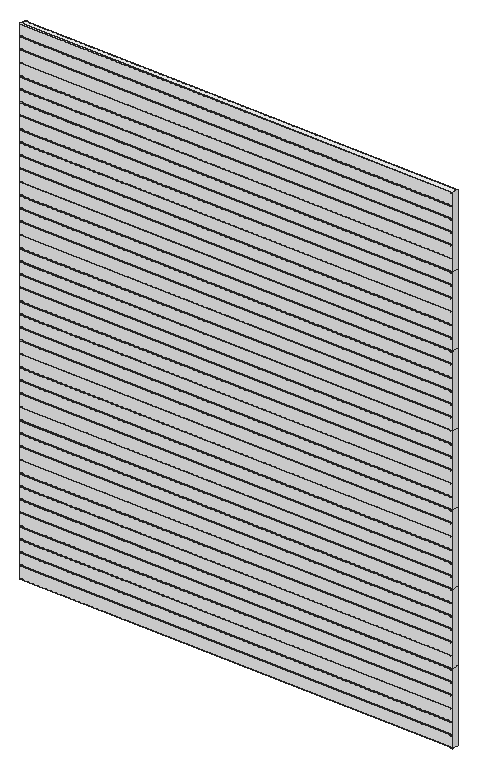
Revit family "3718-1Basic", category Doors, host Wall, Revit 2023
Family settings
  Host = Wall
  OmniClass Number = 23.30.10.17.37.14
  OmniClass Title = Sectional Overhead Doors
  Always vertical = Yes
  Cut with Voids When Loaded = No
  Shared = No
  Room Calculation Point = No
Parameters (values of type "By Type")
  Windload = "Doors available rated for various design pressures; consult Clopay for avaialbility and specifications"
  VisSection6 = NumSections = 6  # no
  VisSection5 = NumSections > 4  # yes
  VisSection4 = NumSections > 3  # yes
  VisSection3 = NumSections > 2  # yes
  VisArray = NumSections > 6  # yes
  URL = "www.clopaydoor.com"
  Track = "Galvanized steel (gauge varies according to door size)"
  Thickness = 0' - 1 3/4"  # constant formula
  Spec Wizard = "http://www.arcat.com/specwizard/08360clo/index.htm"
  Section Height = Height / NumSections  # 2' - 0"
  Sales Information = "http://www.clopaydoor.com/where-to-buy.aspx?type=dealer"
  Rough Width = 0' - 0"  # constant formula
  Rough Height = 0' - 0"  # constant formula
  R-Value = "15.05"
  Product Features and Benefits = "http://www.clopaydoor.com/insulated-polyurethane-applications.aspx"
  Overlapping Jamb = yes
  Overlap = if(Overlapping Jamb, 0' 1", 0' 0")  # 0' - 1"
  Opening Width = 12' - 0"
  Opening Height = 14' - 0"
  Omniclass Table = "23-30 10 17 37 "
  NumSectionsNotRounded = Height / 2' 0"  # 7
  NumSections = NumSectionsNotRounded + 0.4999  # 7
  NumArraySections = if(NumSections > 6, NumSections - 5, 2)  # 2
  Model = "3718"
  Maximum Size = "Maximum 32' 2'' wide by 26' 0'' high. Additional limitations may apply do to door weight. Consult Clopay for specificiations and shop drawings."  # constant formula
  Manufacturer Website = "http://www.clopaydoor.com"
  Manufacturer Phone Number = "1-800-526-4301"
  Manufacturer Address = "1400 W. Market St., Troy, OH 45373"
  Manufacturer = "Clopay Building Products Company"
  LEED = "http://products.construction.com/swts_content_files/151607/303186.pdf"
  Keynote = "08 36 13"
  Interior Steel = "28 ga. galvanized, primed, and finish painted"
  Hardware = "14 ga. min. steel hinges; 10-ball steel rollers"
  GreenFormat = "http://www.greenformat.com/products/1536-Polyurethane%20Insulated%20Doors.rtf"
  Function = Interior
  Height = Opening Height + Rough Width * 0  # 14' - 0"
  Wall Closure = By host
  Width = Opening Width + Rough Width * 0  # 12' - 0"
  FloorToSection7 = 6 * Section Height  # 12' - 0"
  FloorToSection6 = 5 * Section Height  # 10' - 0"
  FloorToSection5 = 4 * Section Height  # 8' - 0"
  FloorToSection4 = 3 * Section Height  # 6' - 0"
  FloorToSection3 = 2 * Section Height  # 4' - 0"
  FloorToSection2 = Section Height  # 2' - 0"
  File Revision = "02 (August, 2012)"
  Exterior Steel = "27 ga. galvanized, primed, and finish painted"
  Double End Stiles = Door Width > 14' 2"  # no
  Door Width = Opening Width + Overlap * 2  # 12' - 2"
  Door Height = Opening Height + Rough Width * 0  # 14' - 0"
  Description = "1-3/4'' thick polyurethane insulated, stucco embossed 27 gauge steel flush exterior."
  Core Material = "Expanded polyurethane"
  Copyright = "2010, Clopay Building Products Company, Inc."
  Color = White
  CAD and Specifications = "http://www.clopaydoor.com/insulated-polyurethane-specs.aspx"
  Assembly Code = "B2030410"
Reference planes (in)
  plane 1 "Center (Front/Back)": y = 0
  plane 2 "Center (Left/Right)": x = 0
  plane 3 "Left": x = -72
  plane 4 "Right": x = 72
  plane 5 "Top": z = 168
  plane 6 "Exterior": y = 3
  plane 7 "Interior": y = -3
  plane 8: z = 120
  plane 9: z = 144
Lines and regions (in)
  Opening 1
    outline origin (-90, -3, 0) x (1, 0, 0) y (0, 0, 1)
      loop
        line (18, 0) -> (162, 0) -> (162, 168) -> (18, 168) -> (18, 0)
Text (in)
  text "Exterior" at (-74.96733, 27.31104, 0), in view "Ref. Level"
  text "Interior" at (-74.96733, -25.14366, 0), in view "Ref. Level"
  text "Exterior" at (0, 40.15149, 123.01588), in view "Right"
  text "Interior" at (0, -64.39139, 123.01588), in view "Right"
  text "Interior" at (0, -31.01599, 123.00693), in view "Left"
  text "Exterior" at (0, 54.57065, 123.00693), in view "Left"
Dimensions and locks (in)
  equal spacing: plane 3 "Left", plane 2 "Center (Left/Right)", plane 4 "Right"
  "Height": level to plane 5 "Top"
  "Width": plane 3 "Left" to plane 4 "Right"
  host wall to plane 5 "Top" = 14' - 0"
  nested 1 to plane 7 "Interior" = 0' - 0 1/2"
  "FloorToSection6": plane 8 to level
  "FloorToSection7": plane 9 to level
  group 1 to group 2 = 0' - 0"  (x2)
  group 1 to group 2 = 2' - 0"
  host wall to host wall = 67' - 6"
  aligned and locked: plane 3 "Left" to Opening 1 sketch curve
  aligned and locked: plane 5 "Top" to Opening 1 sketch curve  (x2)
  aligned and locked: Opening 1 sketch curve to plane 4 "Right"
  aligned and locked: Opening 1 sketch curve to level
  aligned and locked: plane 6 "Exterior" to host wall
  aligned and locked: host wall to plane 7 "Interior"
  aligned and locked: plane 2 "Center (Left/Right)" to nested 2
  aligned and locked: plane 2 "Center (Left/Right)" to nested 3
  aligned and locked: plane 2 "Center (Left/Right)" to nested 4
  aligned and locked: plane 2 "Center (Left/Right)" to nested 5
  aligned and locked: plane 2 "Center (Left/Right)" to nested 7
  aligned and locked: nested 7 to plane 8
  aligned and locked: nested 8 to plane 9
  aligned and locked: plane 7 "Interior" to nested 2
  aligned and locked: plane 7 "Interior" to nested 7
  aligned and locked: host wall to nested 8
  aligned and locked: plane 7 "Interior" to nested 3
  aligned and locked: host wall to nested 3
  aligned and locked: plane 7 "Interior" to nested 1
  aligned and locked: nested 2 to host wall
  aligned and locked: plane 7 "Interior" to nested 6
  aligned and locked: plane 7 "Interior" to nested 5
  aligned and locked: host wall to nested 7
  aligned and locked: plane 7 "Interior" to nested 4
Nested families (in)
  nested 1: "Section" at (0, 0, 0), type "Solid"
  nested 2: "Section" at (0, 0, 24), built-in parameter 1001364 <- "Section Height", type "Solid"
  nested 3: "Section" at (0, 0, 48), built-in parameter 1001364 <- "FloorToSection3", visible <- "VisSection3", type "Solid"
  nested 4: "Section" at (0, 0, 120), built-in parameter 1001364 <- "FloorToSection6", visible <- "VisSection6", type "Solid"
  nested 5: "Section" at (0, 0, 96), built-in parameter 1001364 <- "FloorToSection5", visible <- "VisSection5", type "Solid"
  nested 6: "Section" at (0, 0, 72), built-in parameter 1001364 <- "FloorToSection4", visible <- "VisSection4", type "Solid"
  nested 7: "Section" at (0, 0, 120), visible <- "VisArray", type "Solid"
  nested 8: "Section" at (0, 0, 144), visible <- "VisArray", type "Solid"
Definition of nested family "Section"
  Parameters
    X9 = if(if(NumArrayedWindows < NumWindows, NumArrayedWindows + 1, NumWindows) < 9, X1, X8 + 3' 8")  # 1' - 5 1/2"
    X8 = if(if(NumArrayedWindows < NumWindows, NumArrayedWindows + 1, NumWindows) < 8, X1, X7 + 3' 8")  # 1' - 5 1/2"
    X7 = if(if(NumArrayedWindows < NumWindows, NumArrayedWindows + 1, NumWindows) < 7, X1, X6 + 3' 8")  # 1' - 5 1/2"
    X6 = if(if(NumArrayedWindows < NumWindows, NumArrayedWindows + 1, NumWindows) < 6, X1, X5 + 3' 8")  # 1' - 5 1/2"
    X5 = if(if(NumArrayedWindows < NumWindows, NumArrayedWindows + 1, NumWindows) < 5, X1, X4 + 3' 8")  # 1' - 5 1/2"
    X4 = if(if(NumArrayedWindows < NumWindows, NumArrayedWindows + 1, NumWindows) < 4, X1, X3 + 3' 8")  # 1' - 5 1/2"
    X3 = if(NumWindows < 3, X1, X2 + 3' 8")  # 8' - 9 1/2"
    X2 = if(NumWindows < 2, ((Door Width - (NumWindows - 1) * 3' 8") / 2 - Cutout Width / 2), ((Door Width - (NumWindows - 1) * 3' 8") / 2 - Cutout Width / 2) + 3' 8")  # 5' - 1 1/2"
    WindowVis = no
    WindowCutDepth = -0' - 0 13/128"
    Section Height = 2' - 0"
    RibSpacing = Section Height / (NumRibs + 1)  # 0' - 4"
    NumWindows = if(Door Width < 9' 4", 2, if(Door Width < 13' 4", 3, if(Door Width < 16' 4", 4, if(Door Width < 20' 4", 5, if(Door Width < 24' 4", 6, if(Door Width < 26' 4", 7, if(Door Width < 31' 8", 8, 10)))))))  # 3
    NumRibs = if(Section Height < 1' 9", 3, if(Section Height < 2' 0", 4, 5))  # 5
    NumArrayedWindows = if(X2 = X1, NumWindows - 2, NumWindows)  # 3
    Half Section Height = Section Height / 2  # 1' - 0"
    Half Door Width Neg = -Half Door Width  # -6' - 1"
    Half Door Width = Door Width / 2  # 6' - 1"
    Half Cutout Height = Cutout Height / 2  # 0' - 3 1/2"
    Function = (empty or 0)
    Height = 0' - 0"
    Wall Closure = (empty or 0)
    Width = 0' - 0"
    X1 = if(or(Door Width > 31' 6", and(Door Width > 26' 2", Door Width < 28' 1"), Door Width = 24' 3", Door Width = 24' 4", and(Door Width > 20' 2", Door Width < 20' 11"), and(Door Width > 16' 2", Door Width < 17' 3")), X2, (Door Width - (NumWindows - 1) * 3' 8") / 2 - Cutout Width / 2)  # 1' - 5 1/2"
    Door Width = 12' - 2"
    CutoutToCutout = 1' - 0"
    Cutout Width = 1' - 11"
    Cutout Height = 0' - 7"
    Color = none
    BtmTo1stRib = RibSpacing  # 0' - 4"
    Assembly Code = ""
  Reference planes (in)
    plane 1 "Center (Front/Back)": y = 0
    plane 2 "Center (Left/Right)": x = 0
    plane 3 "Exterior": y = 3
    plane 4 "Interior": y = -3
    plane 5: y = -3.5
    plane 6: x = 73
    plane 7: x = -73
    plane 8: z = 4
    plane 9: z = 8
    plane 10: z = 24
    plane 11: z = 12
    plane 12: z = 0
  Forms (in)
    Extrusion 1, solid, material <- "Color"
      sketch origin (-73, -12, 83.08252) x (0, 0, 1) y (0, -1, 0)
        loop
          line (-59.08252, -8.37573) -> (-59.08252, -6.62444)
          arc (-59.08252, -6.62444) -> (-59.11897, -6.53645) -> (-59.20696, -6.5) r 0.12444
          line (-59.20696, -6.5) -> (-82.95809, -6.5)
          arc (-82.95809, -6.5) -> (-83.04608, -6.53645) -> (-83.08252, -6.62444) r 0.12444
          line (-83.08252, -6.62444) -> (-83.08252, -8.37573)
          arc (-83.08252, -8.37573) -> (-83.04612, -8.4636) -> (-82.95825, -8.5) r 0.12427
          line (-82.95825, -8.5) -> (-59.20679, -8.5)
          arc (-59.20679, -8.5) -> (-59.11892, -8.4636) -> (-59.08252, -8.37573) r 0.12427
      from 0 to 146 <- "Door Width"
    Extrusion 2, void
      sketch origin (0, -8.99984, -0.5) x (0, 1, 0) y (0, 0, -1)
        loop
          line (3.5, -4.62727) -> (3.53032, -4.58058)
          arc (3.53032, -4.58058) -> (3.53753, -4.56494) -> (3.54, -4.5479) r 0.06
          line (3.54, -4.5479) -> (3.54, -4.4521)
          arc (3.54, -4.4521) -> (3.53753, -4.43506) -> (3.53032, -4.41942) r 0.06
          line (3.53032, -4.41942) -> (3.5, -4.37273) -> (3.5, -4.62727)
      from -73 <- "Half Door Width Neg" to 146 <- "Door Width"
    Extrusion 3, void
      sketch origin (0, -8.99984, 3.5) x (0, 1, 0) y (0, 0, -1)
        loop
          line (3.5, -4.62727) -> (3.53032, -4.58058)
          arc (3.53032, -4.58058) -> (3.53753, -4.56494) -> (3.54, -4.5479) r 0.06
          line (3.54, -4.5479) -> (3.54, -4.4521)
          arc (3.54, -4.4521) -> (3.53753, -4.43506) -> (3.53032, -4.41942) r 0.06
          line (3.53032, -4.41942) -> (3.5, -4.37273) -> (3.5, -4.62727)
      from -73 <- "Half Door Width Neg" to 146 <- "Door Width"
    Extrusion 4, void
      sketch origin (0, -8.99984, 7.5) x (0, 1, 0) y (0, 0, -1)
        loop
          line (3.5, -4.62727) -> (3.53032, -4.58058)
          arc (3.53032, -4.58058) -> (3.53753, -4.56494) -> (3.54, -4.5479) r 0.06
          line (3.54, -4.5479) -> (3.54, -4.4521)
          arc (3.54, -4.4521) -> (3.53753, -4.43506) -> (3.53032, -4.41942) r 0.06
          line (3.53032, -4.41942) -> (3.5, -4.37273) -> (3.5, -4.62727)
      from -73 <- "Half Door Width Neg" to 146 <- "Door Width"
    Extrusion 5, void
      sketch origin (0, -8.99984, 11.5) x (0, 1, 0) y (0, 0, -1)
        loop
          line (3.5, -4.62727) -> (3.53032, -4.58058)
          arc (3.53032, -4.58058) -> (3.53753, -4.56494) -> (3.54, -4.5479) r 0.06
          line (3.54, -4.5479) -> (3.54, -4.4521)
          arc (3.54, -4.4521) -> (3.53753, -4.43506) -> (3.53032, -4.41942) r 0.06
          line (3.53032, -4.41942) -> (3.5, -4.37273) -> (3.5, -4.62727)
      from -73 <- "Half Door Width Neg" to 146 <- "Door Width"
    Extrusion 6, void
      sketch origin (0, -8.99984, 15.5) x (0, 1, 0) y (0, 0, -1)
        loop
          line (3.5, -4.62727) -> (3.53032, -4.58058)
          arc (3.53032, -4.58058) -> (3.53753, -4.56494) -> (3.54, -4.5479) r 0.06
          line (3.54, -4.5479) -> (3.54, -4.4521)
          arc (3.54, -4.4521) -> (3.53753, -4.43506) -> (3.53032, -4.41942) r 0.06
          line (3.53032, -4.41942) -> (3.5, -4.37273) -> (3.5, -4.62727)
      from -73 <- "Half Door Width Neg" to 146 <- "Door Width"
  Cuts and joins
    Extrusion 2, Extrusion 3, Extrusion 4, Extrusion 5, Extrusion 6 cuts Extrusion 1
  Lines and regions (in)
    reference lines
      curve 1: line (-72, -5.45984, 4) -> (-72, -5.49984, 4)
      curve 2: line (-72, -5.45984, 4) -> (-72, -5.49984, 4)
      curve 3: line (-72, -5.45984, 8) -> (-72, -5.49984, 8)
      curve 4: line (-72, -5.45984, 12) -> (-72, -5.49984, 12)
      curve 5: line (-72, -5.45984, 16) -> (-72, -5.49984, 16)
      curve 6: line (-72, -5.45984, 20) -> (-72, -5.49984, 20)
  Text (in)
    text "Exterior" at (-74.96733, 27.31104, 0), in view "Ref. Level"
    text "Interior" at (-74.96733, -25.14366, 0), in view "Ref. Level"
    text "Exterior" at (0, 40.15149, 123.01588), in view "Right"
    text "Interior" at (0, -64.39139, 123.01588), in view "Right"
    text "Interior" at (0, -31.01599, 123.00693), in view "Left"
    text "Exterior" at (0, 54.57065, 123.00693), in view "Left"
  Dimensions and locks (in)
    plane 4 "Interior" to plane 5 = 0' - 0 1/2"
    "Half Door Width": plane 2 "Center (Left/Right)" to plane 7
    "Half Door Width": plane 6 to plane 2 "Center (Left/Right)"
    Extrusion 1 sketch curve to Extrusion 1 sketch curve = 0' - 2"
    "BtmTo1stRib": plane 8 to level
    "RibSpacing": plane 9 to plane 8
    "Section Height": plane 10 to level
    Extrusion 2 sketch curve to Extrusion 2 sketch curve = 0' - 0.25454"
    Extrusion 2 sketch curve to Extrusion 2 sketch curve = 0' - 0.04"  (x2)
    Extrusion 2 sketch curve to curve 2 = 0' - 0.12727"
    "Half Section Height": level to plane 11
    locked: plane 4 "Interior" to cut or joined group of Extrusion 1, Extrusion 2, Extrusion 3, Extrusion 4, Extrusion 5, Extrusion 6 at 0.5
    Extrusion 3 sketch curve to Extrusion 3 sketch curve = 0' - 0.25454"
    Extrusion 3 sketch curve to Extrusion 3 sketch curve = 0' - 0.04"  (x2)
    Extrusion 3 sketch curve to curve 3 = 0' - 0.12727"
    equal spacing: group 1, group 2, group 3, group 4, group 5  (x3)
    Extrusion 4 sketch curve to Extrusion 4 sketch curve = 0' - 0.25454"
    Extrusion 4 sketch curve to Extrusion 4 sketch curve = 0' - 0.04"  (x2)
    Extrusion 4 sketch curve to curve 4 = 0' - 0.12727"
    Extrusion 5 sketch curve to Extrusion 5 sketch curve = 0' - 0.25454"
    Extrusion 5 sketch curve to Extrusion 5 sketch curve = 0' - 0.04"  (x2)
    Extrusion 5 sketch curve to curve 5 = 0' - 0.12727"
    Extrusion 6 sketch curve to Extrusion 6 sketch curve = 0' - 0.25454"
    Extrusion 6 sketch curve to Extrusion 6 sketch curve = 0' - 0.04"  (x2)
    Extrusion 6 sketch curve to curve 6 = 0' - 0.12727"
    radius of Extrusion 1 sketch curve = 0' - 0.12427"  (x2)
    radius of Extrusion 1 sketch curve = 0' - 0.12444"  (x2)
    angle Extrusion 2 sketch curve to Extrusion 2 sketch curve = 147.00°  (x2)
    angle Extrusion 3 sketch curve to Extrusion 3 sketch curve = 147.00°  (x2)
    angle Extrusion 4 sketch curve to Extrusion 4 sketch curve = 147.00°  (x2)
    angle Extrusion 5 sketch curve to Extrusion 5 sketch curve = 147.00°  (x2)
    angle Extrusion 6 sketch curve to Extrusion 6 sketch curve = 147.00°  (x2)
    aligned and locked: Extrusion 1 sketch curve to plane 5
    aligned: cut or joined group of Extrusion 1, Extrusion 2, Extrusion 3, Extrusion 4, Extrusion 5, Extrusion 6 to cut or joined group of Extrusion 1, Extrusion 2, Extrusion 3, Extrusion 4, Extrusion 5, Extrusion 6  (x9)
    aligned and locked: plane 12 to level
    aligned and locked: curve 3 to plane 9
    aligned and locked: curve 2 to plane 8
  Automatic sketch dimensions
    curve 1 to curve 1 = 0' - 0.04"  (x2)
    curve 2 to curve 2 = 0' - 0.04"
    Extrusion 2 sketch curve to Extrusion 2 sketch curve = 0' - 0"
    Extrusion 2 sketch curve to Extrusion 2 sketch curve = 0' - 0.02"
    Extrusion 2 sketch curve to Extrusion 2 sketch curve = 0' - 0.00968"  (x2)
    curve 1 to plane 8 = 0' - 0"
    Extrusion 1 sketch curve to plane 10 = 0' - 0"
    Extrusion 1 sketch curve to level = 0' - 0"
    curve 1 to plane 5 = 0' - 1.95984"
    Extrusion 3 sketch curve to Extrusion 3 sketch curve = 0' - 0"
    Extrusion 3 sketch curve to Extrusion 3 sketch curve = 0' - 0.02"
    Extrusion 3 sketch curve to Extrusion 3 sketch curve = 0' - 0.00968"  (x2)
    Extrusion 4 sketch curve to Extrusion 4 sketch curve = 0' - 0"
    Extrusion 4 sketch curve to Extrusion 4 sketch curve = 0' - 0.02"
    Extrusion 4 sketch curve to Extrusion 4 sketch curve = 0' - 0.00968"  (x2)
    Extrusion 5 sketch curve to Extrusion 5 sketch curve = 0' - 0"
    Extrusion 5 sketch curve to Extrusion 5 sketch curve = 0' - 0.02"
    Extrusion 5 sketch curve to Extrusion 5 sketch curve = 0' - 0.00968"  (x2)
    Extrusion 6 sketch curve to Extrusion 6 sketch curve = 0' - 0"
    Extrusion 6 sketch curve to Extrusion 6 sketch curve = 0' - 0.02"
    Extrusion 6 sketch curve to Extrusion 6 sketch curve = 0' - 0.00968"  (x2)
